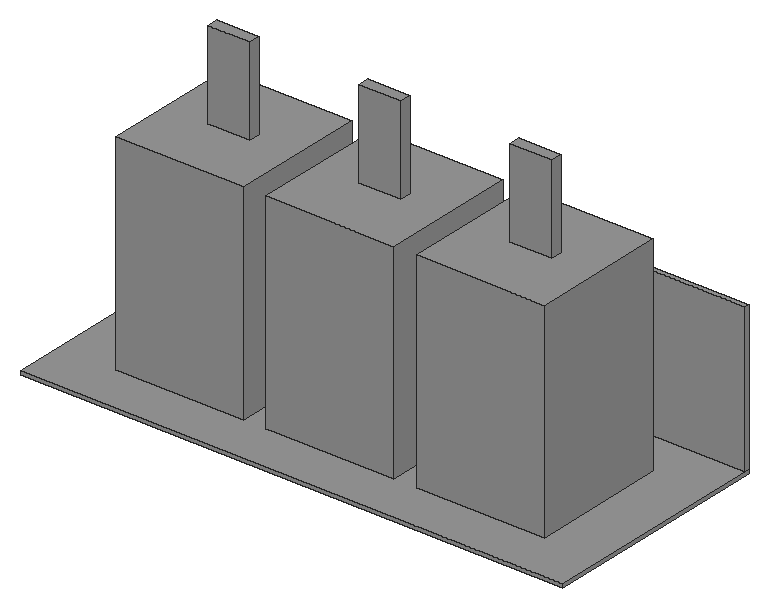
Revit family "Blitzstromableiter MCF 35, 400_690 V, 3-polig mit FS", category Generic Models, Revit 2015
Parameters (values of type "MCF 35-P3+FS-440")
  Width = 68 mm
  URL = "http://www.obo-bettermann.com"
  Material = Aluminium
  Manufacturer Art.No. = "5096976"
  Manufacturer = "OBO Bettermann"
  Length = 72 mm
  Height 1 = 46.6 mm
  Height = 112.5 mm
  GTIN = "4012195995012"
  Article Type = "MCF 35-P3+FS-440"
Reference planes
  plane 1 "Center (Front/Back)": y = 0
  plane 2: z = 0
  plane 3 "Center (Left/Right)": x = 0
  plane 4: z = 2
  plane 5: z = 80.5
  plane 6: z = 112.5
  plane 7: z = 159.1
Forms (mm)
  Extrusion 1, solid, material "Aluminium" <- "Material"
    sketch origin (0, 0, 0) x (1, 0, 0) y (0, 1, 0)
      loop
        line (-144, 61.6) -> (-144, -61.6) -> (144, -61.6) -> (144, 61.6) -> (-144, 61.6)
    from 0 to 2
  Extrusion 2, solid, material "Aluminium" <- "Material"
    sketch origin (0, 0, 0) x (1, 0, 0) y (0, 1, 0)
      loop
        line (-144, 61.6) -> (-144, 59.6) -> (144, 59.6) -> (144, 61.6) -> (-144, 61.6)
    from 0 to 80.5
  Extrusion 3, solid, material "Aluminium" <- "Material"
    sketch origin (0, 0, 0) x (1, 0, 0) y (0, 1, 0)
      loop
        line (-34, 36) -> (-34, -36) -> (34, -36) -> (34, 36) -> (-34, 36)
      loop
        line (46, 36) -> (46, -36) -> (114, -36) -> (114, 36) -> (46, 36)
      loop
        line (-46, 36) -> (-114, 36) -> (-114, -36) -> (-46, -36) -> (-46, 36)
    from 2 to 112.5
  Extrusion 4, solid, material "Aluminium" <- "Material"
    sketch origin (0, 0, 0) x (1, 0, 0) y (0, 1, 0)
      loop
        line (-11.2, 3) -> (-11.2, -3) -> (11.2, -3) -> (11.2, 3) -> (-11.2, 3)
      loop
        line (68.8, 3) -> (68.8, -3) -> (91.2, -3) -> (91.2, 3) -> (68.8, 3)
      loop
        line (-91.2, 3) -> (-91.2, -3) -> (-68.8, -3) -> (-68.8, 3) -> (-91.2, 3)
    from 112.5 to 159.1
Dimensions and locks
  locked: Extrusion 1 sketch curve to Extrusion 1 sketch curve at 123.2
  locked: plane 1 "Center (Front/Back)" to Extrusion 1 sketch curve at 61.6
  locked: Extrusion 1 sketch curve to Extrusion 1 sketch curve at 288
  locked: plane 3 "Center (Left/Right)" to Extrusion 1 sketch curve at 144
  locked: plane 4 to level at 2
  locked: Extrusion 1 to Extrusion 2 sketch curve at 2
  locked: plane 5 to level at 80.5
  "Width": Extrusion 3 sketch curve to Extrusion 3 sketch curve  (x3)
  equal spacing: Extrusion 3 sketch curve, plane 3 "Center (Left/Right)", Extrusion 3 sketch curve, locked at 34 each
  "Length": Extrusion 3 sketch curve to Extrusion 3 sketch curve
  equal spacing: Extrusion 3 sketch curve, plane 1 "Center (Front/Back)", Extrusion 3 sketch curve, locked at 36 each
  locked: Extrusion 3 sketch curve to Extrusion 3 sketch curve at 12  (x2)
  "Height": plane 6 to level
  locked: Extrusion 4 sketch curve to Extrusion 4 sketch curve at 22.4  (x3)
  equal spacing: Extrusion 4 sketch curve, plane 3 "Center (Left/Right)", Extrusion 4 sketch curve, locked at 11.2 each
  locked: Extrusion 4 sketch curve to Extrusion 4 sketch curve at 6
  equal spacing: Extrusion 4 sketch curve, plane 1 "Center (Front/Back)", Extrusion 4 sketch curve, locked at 3 each
  locked: Extrusion 4 sketch curve to Extrusion 4 sketch curve at 57.6  (x2)
  "Height 1": plane 7 to plane 6
  aligned and locked: level to plane 2
  aligned and locked: Extrusion 1 to level
  aligned and locked: plane 4 to Extrusion 1
  aligned and locked: Extrusion 2 sketch curve to Extrusion 1  (x3)
  aligned and locked: Extrusion 2 to level
  aligned and locked: plane 5 to Extrusion 2
  aligned and locked: Extrusion 3 sketch curve to Extrusion 3 sketch curve  (x4)
  aligned and locked: Extrusion 3 to Extrusion 1
  aligned and locked: plane 6 to Extrusion 3
  aligned and locked: Extrusion 4 sketch curve to Extrusion 4 sketch curve  (x4)
  aligned and locked: Extrusion 4 to Extrusion 3
  aligned and locked: plane 7 to Extrusion 4
